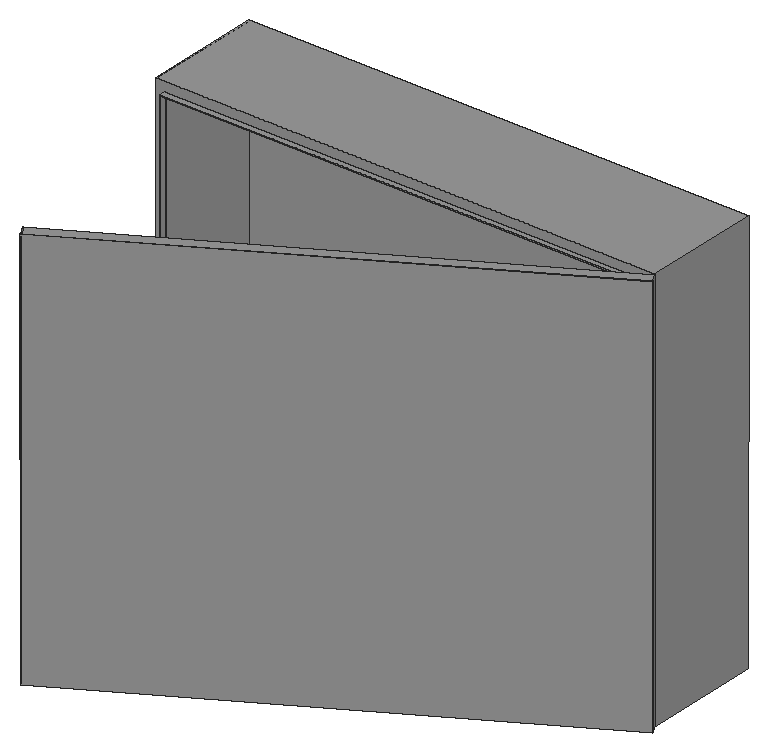
Revit family "Hager-Univers-IP44-D205-H650-Cl.II-Encl-NoHosted-ES-es", category Electrical Equipment, Revit 2020
Family settings
  Panel Configuration = Two Columns, Circuits Across
  Round Connector Dimension = Use Diameter
  Part Type = Panelboard
  Work Plane-Based = Yes
  Always vertical = Yes
  Cut with Voids When Loaded = No
  Shared = No
  Room Calculation Point = No
Parameters (values of type "Montado superficial (escayola) IP44 A800 A650 P205  - FP43SN2")
  Width Control [instance] = if([EF000008 - Anchura] > Min Width, [EF000008 - Anchura], Min Width)  # 800 mm
  Type Comments = [HG000003 - Gama]  # "Univers"
  Thickness Door [instance] = if([EF009171 - Espesor puerta/tapa] > 3 mm, 3 mm, [EF009171 - Espesor puerta/tapa])  # 1 mm
  Seal Frame Offset [instance] = 17 mm  # constant formula
  Plinth Visibility [instance] = [HG000027 - Altura de zócalo] > 0 mm  # no
  Min Width [instance] = 100 mm  # constant formula
  Min Depth [instance] = (2 * [EF009170 - Espesor del material de la caja]) + 1 mm  # 3 mm
  Min Height [instance] = 100 mm  # constant formula
  Internal Frame Depth [instance] = (Door System Depth * 0.5)  # 9 mm
  Panel Name [instance] = ""  # (empty or 0)
  Model = ""
  HG000027 - Altura de zócalo = 0 mm
  HG000026 - Instalación en suelo = no
  HG000024 - Altura de la sección inferior = 600 mm
  HG000023 - Caja de doble sección = no
  HG000016 - Visibilidad de la puerta 3D [instance] = yes
  HG000015 - Visibilidad a través de la puerta [instance] = no
  HG000014 - Puerta a la derecha [instance] = yes
  HG000013 - Puerta a la izquierda [instance] = not([HG000014 - Puerta a la derecha])  # no
  HG000012 - Ángulo de giro de la puerta [instance] = 30.00°
  HG000010 - Puertas asimétricas = no
  HG000009 - Puerta batiente doble = no
  HG000006 - Empotrado = no
  HG000004 - Referencia del fabricante = "FP43SN2"
  HG000003 - Gama = "Univers"
  HG000002 - Con puerta o tapa = yes
  Frame Offset Bottom [instance] = 10 mm  # constant formula
  Frame Offset [instance] = 15 mm  # constant formula
  EF015940 - Tapa con alivio de sobrepresión = no
  EF011959 - Grado de protección (NEMA) = ""
  EF009554 - Número de aberturas para placas-brida = 6
  EF009212 - Versión de la cubierta = "EV000116 - Cerrado"
  EF009171 - Espesor puerta/tapa = 1 mm
  EF009170 - Espesor del material de la caja = 1 mm
  EF008873 - Corriente nominal (In) = 250 A
  EF007800 - Adecuado para la protección contra rayos = no
  EF006306 - Con cierre = no
  EF006244 - Tapa/puerta transparente = no
  EF005474 - Grado de protección (IP) = "EV006418 - IP44"
  EF004464 - Tipo de puerta = "EV002646 - Único"
  EF004427 - Número de módulos = 144
  EF004293 - Resistencia al impacto (IK) = "EV006815 - IK09"
  EF003532 - Adecuado para uso en exteriores = no
  EF002950 - Anchura de unidades de división = 36
  EF001613 - Integridad del circuito = "EV000494 - Ninguno"
  EF001596 - Material de la carcasa = "EV000179 - Acero"
  EF001131 - Profundidad interna = 143 mm
  EF001088 - Posibilidad de extensión = yes
  EF000437 - Número de entradas de conductos de cables = 6
  EF000339 - Tipo de cubierta = "EV001012 - Cubrir"
  EF000266 - Número de filas = 4
  EF000218 - Profundidad de instalación = 205 mm
  EF000118 - Con placa de montaje = no
  EF000116 - Número RAL = "9010"
  EF000049 - Profundidad = 205 mm
  EF000040 - Altura = 650 mm
  EF000008 - Anchura = 800 mm
  EF000007 - Color = "EV000202 - Blanco"
  EF000003 - Tipo de montaje = "EV000384 - Montado superficial (escayola)"
  Door System Leaf Tolerance [instance] = 1.5 mm  # constant formula
  Door System Depth [instance] = 18 mm  # constant formula
  Door Height [instance] = Height Control - [HG000027 - Altura de zócalo]  # 650 mm
  Description = ""
  Default Elevation = 1219.2 mm
  Connector Offset [instance] = Height Control / 2  # 325 mm
  Manufacturer = "Hager"  # constant formula
  Height Control [instance] = if([EF000040 - Altura] > Min Height, [EF000040 - Altura], Min Height)  # 650 mm
  Depth Control [instance] = if([EF000049 - Profundidad] > Min Depth, [EF000049 - Profundidad], Min Depth)  # 205 mm
  Bottom Top Plate Trim [instance] = 1.5 mm  # constant formula
  Plinth height Ctrl [instance] = if([HG000027 - Altura de zócalo] > 0 mm, [HG000027 - Altura de zócalo], 12 mm)  # 12 mm
Types (5, lengths in mm): name | Width Control | HG000010 - Puertas asimétricas | HG000009 - Puerta batiente doble | HG000004 - Referencia del fabricante | EF009554 - Número de aberturas para placas-brida | EF004464 - Tipo de puerta | EF004427 - Número de módulos | EF002950 - Anchura de unidades de división | EF000437 - Número de entradas de conductos de cables | EF000008 - Anchura
  Montado superficial (escayola) IP44 A1050 A650 P205  - FP44SN2 | 1050 | no | yes | "FP44SN2" | 8 | "EV003602 - Doble" | 192 | 48 | 8 | 1050
  Montado superficial (escayola) IP44 A1300 A650 P205  - FP45SN2 | 1300 | yes | yes | "FP45SN2" | 10 | "EV003602 - Doble" | 240 | 60 | 10 | 1300
  Montado superficial (escayola) IP44 A300 A650 P205  - FP41SN2 | 300 | no | no | "FP41SN2" | 2 | "EV002646 - Único" | 48 | 12 | 2 | 300
  Montado superficial (escayola) IP44 A550 A650 P205  - FP42SN2 | 550 | no | no | "FP42SN2" | 4 | "EV002646 - Único" | 96 | 24 | 4 | 550
  Montado superficial (escayola) IP44 A800 A650 P205  - FP43SN2 | 800 | no | no | "FP43SN2" | 6 | "EV002646 - Único" | 144 | 36 | 6 | 800
Reference planes
  plane 1 "Center (Front/Back)": y = 0
  plane 2: z = 0
  plane 3 "Center (Left/Right)": x = 0
  plane 4: y = 0
  plane 5: y = 0
  plane 6: z = 0
  plane 7: x = -400
  plane 8: x = 400
  plane 9: x = 399
  plane 10: x = -399
  plane 11: z = 0
  plane 12: z = 1
  plane 13: y = -205
  plane 14: y = -1
  plane 15: x = 0
  plane 16: y = -187
  plane 17: y = -204
  plane 18: y = -186
  plane 19: x = -384
  plane 20: x = 384
  plane 21: z = 11
  plane 22: x = -383
  plane 23: x = 383
  plane 24: z = 0
  plane 25: z = 650
  plane 26: z = 650
  plane 27: z = 634
  plane 28: z = 649
Forms (mm)
  Extrusion 1, solid, material "Hager_Steel_RAL7035_Light_Grey", detail levels medium+fine
    sketch origin (-208.679, -4572, 0) x (-1, 0, 0) y (0, -1, 0)
      loop
        line (191.321, -4385) -> (-608.679, -4385) -> (-608.679, -4572) -> (191.321, -4572) -> (191.321, -4385)
    from 0 to 650
  Extrusion 2, void
    sketch origin (-350.771, -205, 1219.2) x (1, 0, 0) y (0, 0, 1)
      loop
        line (-48.229, -570.2) -> (-48.229, -1218.2) -> (749.771, -1218.2) -> (749.771, -570.2) -> (-48.229, -570.2)
    from -19 to -204
  Extrusion 3, void
    sketch origin (-290.084, -187, 1219.2) x (1, 0, 0) y (0, 0, 1)
      loop
        line (-93.916, -1208.2) -> (674.084, -1208.2) -> (674.084, -585.2) -> (-93.916, -585.2) -> (-93.916, -1208.2)
    from 0 to -1
  Extrusion 4, solid, material "Hager_Steel_RAL7035_Light_Grey", visible <- "Plinth Visibility", detail levels medium+fine
    sketch origin (0, 0, 0) x (1, 0, 0) y (0, 1, 0)
      loop
        line (-400, 0) -> (-400, -187) -> (400, -187) -> (400, 0) -> (-400, 0)
    from 0 to 12 <- "Plinth height Ctrl"
  Extrusion 5, solid, material "Hager_Steel_RAL7035_Light_Grey", detail levels coarse
    sketch origin (0, 0, 0) x (1, 0, 0) y (0, 1, 0)
      loop
        line (-400, 0) -> (-400, -205) -> (400, -205) -> (400, 0) -> (-400, 0)
    from 0 to 650 <- "Height Control"
  Sweep 6, void
    path in 3D
      loop
        line (-400, -187, 12) -> (400, -187, 12) -> (400, 0, 12) -> (-400, 0, 12) -> (-400, -187, 12)
    profile origin (-400, -93.5, 12) x (1, 0, 0) y (0, 0, 1)
      loop
        line (0, 0) -> (0, -1.5) -> (1.5, -1.5)
        arc (1.5, -1.5) -> (1.061, -0.439) -> (0, 0) r 1.5
  Extrusion 7, solid, material "Hager_Steel_RAL7035_Light_Grey", detail levels fine
    sketch origin (-400, -187, 0) x (1, 0, 0) y (0, 0, 1)
      loop
        line (16, 11) -> (784, 11) -> (784, 634) -> (16, 634) -> (16, 11)
      loop
        line (15, 10) -> (785, 10) -> (785, 635) -> (15, 635) -> (15, 10)
    from 0 to 9 <- "Internal Frame Depth"
Cuts and joins
  Extrusion 2, Extrusion 3 cuts Extrusion 1
  Sweep 6 cuts Extrusion 4
Lines and regions (mm)
  Masking region 1
    outline origin (0, 0, 0) x (1, 0, 0) y (0, 1, 0)
      loop
        line (-400, 0) -> (-400, -205) -> (400, -205) -> (400, 0) -> (-400, 0)
  Masking region 2, detail levels coarse
    outline origin (-290.084, -187, 1219.2) x (-1, 0, 0) y (0, 0, 1)
      loop
        line (-690.084, -1219.2) -> (109.916, -1219.2) -> (109.916, -569.2) -> (-690.084, -569.2) -> (-690.084, -1219.2)
  Masking region 3, detail levels coarse
    outline origin (0, 0, 0) x (0, 1, 0) y (0, 0, 1)
      loop
        line (0, 0) -> (0, 650) -> (-205, 650) -> (-205, 0) -> (0, 0)
  Masking region 4, visible <- "Plinth Visibility", detail levels medium+fine
    outline origin (0, 0, 0) x (0, 1, 0) y (0, 0, 1)
      loop
        line (-1.5, 12) -> (-185.5, 12)
        arc (-185.5, 12) -> (-185.939, 10.939) -> (-187, 10.5) r 1.5
        line (-187, 10.5) -> (-187, 0) -> (0, 0) -> (0, 10.5)
        arc (0, 10.5) -> (-1.061, 10.939) -> (-1.5, 12) r 1.5
  Masking region 5, detail levels medium+fine
    outline origin (0, 0, 594.038) x (0, 1, 0) y (0, 0, 1)
      loop
        line (0, -594.038) -> (0, 55.962) -> (-187, 55.962) -> (-187, -594.038) -> (0, -594.038)
  Masking region 6, detail levels medium+fine
    outline origin (-359.7, -187, 1211.883) x (-1, 0, 0) y (0, 0, 1)
      loop
        line (-759.7, -1211.883) -> (40.3, -1211.883) -> (40.3, -561.883) -> (-759.7, -561.883) -> (-759.7, -1211.883)
  Masking region 7, visible <- "Plinth Visibility", detail levels medium+fine
    outline origin (-320.334, -187, 1041.368) x (-1, 0, 0) y (0, 0, 1)
      loop
        line (-720.334, -1041.368) -> (79.666, -1041.368) -> (79.666, -1030.868)
        arc (79.666, -1030.868) -> (78.606, -1030.429) -> (78.166, -1029.368) r 1.5
        line (78.166, -1029.368) -> (-718.834, -1029.368)
        arc (-718.834, -1029.368) -> (-719.273, -1030.429) -> (-720.334, -1030.868) r 1.5
        line (-720.334, -1030.868) -> (-720.334, -1041.368)
  sketch lines
    curve 1: line (-400, 0, 12) -> (-400, -187, 12)
    curve 2: line (-400, -187, 12) -> (400, -187, 12)
    curve 3: line (400, 0, 12) -> (-400, 0, 12)
    curve 4: line (400, -187, 12) -> (400, 0, 12)
Dimensions and locks
  locked: plane 1 "Center (Front/Back)" to plane 5
  "EF009170 - Espesor del material de la caja": plane 7 to plane 10
  "EF009170 - Espesor del material de la caja": plane 8 to plane 9
  equal spacing: plane 7, plane 3 "Center (Left/Right)", plane 8
  "Width Control": plane 7 to plane 8
  "Depth Control": plane 4 to plane 13
  "EF009170 - Espesor del material de la caja": plane 4 to plane 14
  "Height Control": plane 25 to level
  "HG000027 - Altura de zócalo": plane 11 to level
  "EF009170 - Espesor del material de la caja": plane 12 to plane 11
  "EF009170 - Espesor del material de la caja": plane 17 to plane 13
  "EF009170 - Espesor del material de la caja": plane 18 to plane 16
  "Frame Offset Bottom": plane 21 to plane 12
  "Frame Offset": plane 10 to plane 19
  "Frame Offset": plane 9 to plane 20
  "Door System Depth": plane 16 to plane 13
  "Seal Frame Offset": plane 7 to plane 22
  "Seal Frame Offset": plane 8 to plane 23
  "EF009170 - Espesor del material de la caja": plane 26 to plane 28
  "Frame Offset": plane 28 to plane 27
  "Connector Offset": plane 2 to connector elem
  "Bottom Top Plate Trim": profile plane to Sweep 6 sketch curve
  "Bottom Top Plate Trim": Sweep 6 sketch curve to Sweep 6 sketch curve
  "Plinth height Ctrl": Masking region 4 sketch curve to level
  "Plinth height Ctrl": Masking region 7 sketch curve to level
  "Thickness Door": Extrusion 7 sketch curve to Extrusion 7 sketch curve  (x4)
  "Bottom Top Plate Trim": radius of Sweep 6 sketch curve
  "Bottom Top Plate Trim": radius of Masking region 4 sketch curve  (x2)
  "Bottom Top Plate Trim": radius of Masking region 7 sketch curve  (x2)
  aligned and locked: Extrusion 2 sketch curve to plane 12
  aligned and locked: Extrusion 2 sketch curve to plane 9
  aligned and locked: Extrusion 2 sketch curve to plane 10
  aligned and locked: Extrusion 2 to plane 14
  aligned and locked: Extrusion 1 sketch curve to plane 4
  aligned and locked: plane 8 to Extrusion 1 sketch curve
  aligned and locked: plane 7 to Extrusion 1 sketch curve
  aligned and locked: Extrusion 2 to plane 18
  aligned and locked: Extrusion 3 sketch curve to plane 19
  aligned and locked: plane 20 to Extrusion 3 sketch curve
  aligned and locked: Extrusion 3 to Extrusion 2
  aligned and locked: Extrusion 3 sketch curve to plane 21
  aligned and locked: plane 3 "Center (Left/Right)" to nested 1
  aligned and locked: Extrusion 1 sketch curve to plane 16
  aligned and locked: Extrusion 4 sketch curve to cut or joined group of Extrusion 1, Extrusion 2, Extrusion 3
  aligned and locked: Masking region 1 sketch curve to plane 7
  aligned and locked: Masking region 1 sketch curve to plane 5
  aligned and locked: Masking region 1 sketch curve to plane 8
  aligned and locked: Masking region 2 sketch curve to level
  aligned and locked: level to Masking region 3 sketch curve
  aligned and locked: plane 1 "Center (Front/Back)" to Masking region 3 sketch curve
  aligned and locked: plane 13 to Masking region 3 sketch curve
  aligned and locked: plane 5 to Masking region 4 sketch curve
  aligned and locked: Masking region 2 sketch curve to plane 8
  aligned and locked: Masking region 2 sketch curve to plane 7
  aligned and locked: plane 7 to nested 2
  aligned and locked: nested 2 to plane 5
  aligned and locked: plane 5 to Masking region 5 sketch curve
  aligned and locked: plane 26 to Masking region 5 sketch curve
  aligned and locked: Extrusion 5 sketch curve to plane 8
  aligned and locked: Extrusion 5 sketch curve to plane 7
  aligned and locked: Extrusion 5 sketch curve to plane 5
  aligned and locked: Extrusion 3 sketch curve to plane 27
  aligned and locked: Extrusion 2 sketch curve to plane 28
  aligned and locked: Masking region 2 to plane 25
  aligned and locked: Extrusion 4 to plane 16
  aligned and locked: profile plane to Sweep 6 sketch curve
  aligned and locked: Masking region 5 sketch curve to plane 24
  aligned and locked: level to Masking region 4 sketch curve
  aligned and locked: Masking region 1 to plane 13
  aligned and locked: nested 1 to plane 16
  aligned and locked: Masking region 3 to plane 25
  aligned and locked: plane 16 to Masking region 4 sketch curve
  aligned and locked: Masking region 5 sketch curve to plane 16
  aligned and locked: plane 24 to plane 11
  aligned and locked: plane 26 to plane 25
  aligned and locked: plane 26 to cut or joined group of Extrusion 1, Extrusion 2, Extrusion 3
  aligned and locked: nested 1 to plane 24
  aligned and locked: Extrusion 1 to Extrusion 3
  aligned and locked: Masking region 6 sketch curve to plane 8
  aligned and locked: Masking region 6 sketch curve to plane 24
  aligned and locked: Masking region 6 sketch curve to plane 7
  aligned and locked: Masking region 6 sketch curve to plane 26
  aligned and locked: Masking region 7 sketch curve to plane 7
  aligned and locked: level to Masking region 7 sketch curve
  aligned and locked: Masking region 7 sketch curve to plane 8
  aligned and locked: Extrusion 7 sketch curve to cut or joined group of Extrusion 1, Extrusion 2, Extrusion 3  (x4)
Automatic sketch dimensions
  plane 19 to Extrusion 3 sketch curve = 0 mm
  Extrusion 3 sketch curve to plane 20 = 0 mm
  Extrusion 3 sketch curve to plane 21 = 0 mm
  Extrusion 4 sketch curve to plane 7 = 0 mm
  Extrusion 4 sketch curve to plane 8 = 0 mm
  Extrusion 4 sketch curve to plane 16 = 0 mm
  Masking region 1 sketch curve to plane 13 = 0 mm
  Masking region 2 sketch curve to plane 25 = 0 mm
  Masking region 3 sketch curve to plane 25 = 0 mm
  Extrusion 5 sketch curve to plane 13 = 0 mm
  profile plane to Sweep 6 sketch curve = 0 mm
Nested families
  nested 1: "EC000058_Univers_Door" at (0, -187, 0), Double <- "HG000009 - Puerta batiente doble", Transparent <- "EF006244 - Tapa/puerta transparente", Angle <- "HG000012 - Ángulo de giro de la puerta", Door_Right <- "HG000014 - Puerta a la derecha", Assymetrical <- "HG000010 - Puertas asimétricas", Door <- "HG000002 - Con puerta o tapa", Width_Ctrl <- "Width Control", 3d_Door <- "HG000016 - Visibilidad de la puerta 3D", Clearance <- "HG000015 - Visibilidad a través de la puerta", Door_Left <- "HG000013 - Puerta a la izquierda", Width <- "Width Control", Door_Depth <- "Door System Depth", Leaf_Tolerance <- "Door System Leaf Tolerance", Height <- "Door Height", Lock_Visibility <- "EF006306 - Con cierre", Thickness <- "Thickness Door", type "EC000058_Univers_Door", detail levels medium+fine
    with min_wh 3 mm, Width_Ctrl 800 mm, Width 800 mm, Transparent no, Thickness 1 mm, Seal_Material Hager_Rubber, Lock_Visibility no, Lock_Material Hager_Plastic_RAL9005_Jet_Black, Leaf_Width 800 mm, Leaf_Tolerance_External_Sides 0 mm, Leaf_Tolerance 1.5 mm, Leaf_Offset 0 mm, Leaf_Height 647 mm, Leaf_2_Width 800 mm, Leaf_2_Offset 400 mm, Leaf_1_Width 800 mm, Leaf_1_Offset 400 mm, Height_Ctrl 650 mm, Height 650 mm, Glass_Material Hager_Glass, Double_Clearance_Ctrl no, Double no, Door_Right_Ctrl yes, Door_Right yes, Door_Material Hager_Steel_RAL7035_Light_Grey, Door_Left_Ctrl no, Door_Left no, Door_Depth 18 mm, Door yes, Clearance_Material Hager_Clearance, Clearance_Depth 800 mm, Clearance_Ctrl no, Clearance no, Assymetrical no, Angle 30.00°, 3d_Door yes
  nested 2: "Hager_Enclosure_Symbol" at (-400, 0, 0), Height <- "Depth Control", Width <- "Width Control", type "Hager_Enclosure_Symbol"
    with Width_Ctrl 800 mm, Width 800 mm, Height_Ctrl 205 mm, Height 205 mm, A_Width_Int 13.453 mm, A_Width 161.438 mm, A_Height_Ctrl 179.375 mm, A_Height 179.375 mm
Connectors
  electrical at (0, 0, 325)
    settings: on plane 1 "Center (Front/Back)", index 1, voltage 0 V, apparent load 0 VA, apparent load phase1 0 VA, apparent load phase2 0 VA, apparent load phase3 0 VA, power factor 1, load classification "Other", number of poles 1, system type 30, power factor state 1, is connector primary yes, connector utility no, sub classification motor no, connector description ""
Definition of nested family "EC000058_Univers_Door"
  Parameters (values of type "EC000058_Univers_Door")
    min_wh [instance] = (2 * Thickness) + 1 mm  # 11 mm
    Width_Ctrl [instance] = 400 mm
    Width [instance] = 500 mm
    Transparent [instance] = yes
    Thickness [instance] = 5 mm
    Seal_Material [instance] = none
    Lock_Visibility [instance] = yes
    Lock_Material [instance] = none
    Leaf_Width [instance] = if((Width_Ctrl - 2 * Leaf_Tolerance_External_Sides) > 0 mm, (Width_Ctrl - 2 * Leaf_Tolerance_External_Sides), min_wh)  # 400 mm
    Leaf_Tolerance_External_Sides [instance] = 0 mm  # constant formula
    Leaf_Tolerance [instance] = 1.5 mm
    Leaf_Offset [instance] = 0 mm  # constant formula
    Leaf_Height [instance] = if((Height_Ctrl - 2 * Leaf_Tolerance) > 0 mm, (Height_Ctrl - 2 * Leaf_Tolerance), min_wh)  # 497 mm
    Leaf_2_Width [instance] = if(and(and(Double, Assymetrical), Door_Left), (Leaf_Width / 3) - (Leaf_Tolerance / 2), if(and(and(Double, Assymetrical), Door_Right), (Leaf_Width / 3) * 2 - (Leaf_Tolerance / 2), if(and(Double, not(Assymetrical)), (Leaf_Width / 2) - Leaf_Tolerance, Leaf_Width)))  # 400 mm
    Leaf_2_Offset [instance] = if(and(Double, Assymetrical), Leaf_2_Width / 2, if(and(Double, not(Assymetrical)), Leaf_Width / 4, Leaf_Width / 2))  # 200 mm
    Leaf_1_Width [instance] = if(and(and(Double, Assymetrical), Door_Right), (Leaf_Width / 3) - (Leaf_Tolerance / 2), if(and(and(Double, Assymetrical), Door_Left), (Width / 3) * 2 - (Leaf_Tolerance / 2), if(and(Double, not(Assymetrical)), (Leaf_Width / 2) - Leaf_Tolerance, Leaf_Width)))  # 400 mm
    Leaf_1_Offset [instance] = if(and(Double, Assymetrical), Leaf_1_Width / 2, if(and(Double, not(Assymetrical)), Leaf_Width / 4, Leaf_Width / 2))  # 200 mm
    Height_Ctrl [instance] = if(Height > min_wh, Height, min_wh)  # 500 mm
    Height [instance] = 500 mm
    Glass_Material [instance] = none
    Double_Clearance_Ctrl [instance] = and(Double, Clearance)  # no
    Double [instance] = no
    Door_Right_Ctrl [instance] = and(or(Door_Right, Double), Door)  # yes
    Door_Right [instance] = yes
    Door_Material [instance] = none
    Door_Left_Ctrl [instance] = and(or(Door_Left, Double), Door)  # no
    Door_Left [instance] = no
    Door_Depth [instance] = 30 mm
    Door [instance] = yes
    Default Elevation = 1219.2 mm
    Clearance_Material [instance] = none
    Clearance_Depth [instance] = if(Leaf_1_Width > Leaf_2_Width, Leaf_1_Width, Leaf_2_Width)  # 400 mm
    Clearance_Ctrl [instance] = and(not(Double), Clearance)  # yes
    Clearance [instance] = yes
    Assymetrical [instance] = yes
    Angle [instance] = 30.00°
    3d_Door [instance] = yes
  Reference planes
    plane 1 "Center (Front/Back)": y = 0
    plane 2 "Bottom": z = 0
    plane 3 "Center (Left/Right)": x = 0
    plane 4: z = 500
    plane 5: x = -200
    plane 6: x = 200
    plane 7: z = 500
    plane 8: x = -200
    plane 9: z = 0
    plane 10: x = 200
    plane 11: y = 0
    plane 12: z = 1.5
    plane 13: x = -600
    plane 14: y = -400
    plane 15: x = 600
    plane 16: x = 0
    plane 17: x = 0
    plane 18: x = -200
    plane 19: x = 200
    plane 20: z = 498.5
  Forms (mm)
    Extrusion 1, solid, material <- "Clearance_Material", visible <- "Double_Clearance_Ctrl"
      sketch origin (1200, 0, 0) x (1, 0, 0) y (0, 0, -1)
        loop
          line (-1800, -498.5) -> (-600, -498.5) -> (-600, 0) -> (-1800, 0) -> (-1800, -498.5)
      from 0 to -400
  Dimensions and locks
    equal spacing: plane 5, plane 3 "Center (Left/Right)", plane 6
    "Width_Ctrl": plane 5 to plane 6
    "Leaf_Offset": plane 5 to plane 8
    "Leaf_Offset": plane 6 to plane 10
    "Leaf_Offset": plane 9 to level
    "Leaf_Offset": plane 4 to plane 7
    "Height_Ctrl": plane 4 to level
    "Leaf_Tolerance": plane 12 to plane 9
    locked: plane 11 to plane 1 "Center (Front/Back)"
    "Leaf_1_Offset": plane 18 to plane 16
    "Leaf_2_Offset": plane 17 to plane 19
    "Leaf_1_Width": plane 13 to plane 8
    "Leaf_2_Width": plane 10 to plane 15
    "Clearance_Depth": plane 14 to plane 1 "Center (Front/Back)"
    "Leaf_Tolerance_External_Sides": plane 8 to plane 18
    "Leaf_Tolerance_External_Sides": plane 19 to plane 10
    "Leaf_Tolerance": plane 7 to plane 20
    aligned and locked: level to plane 2 "Bottom"
    aligned and locked: nested 1 to plane 16
    aligned and locked: nested 2 to plane 17
    aligned and locked: Extrusion 1 to plane 13
    aligned and locked: plane 15 to Extrusion 1
    aligned and locked: Extrusion 1 to plane 14
    aligned and locked: plane 12 to nested 1
    aligned and locked: nested 2 to plane 12
    aligned and locked: Extrusion 1 to plane 11
    aligned and locked: plane 20 to Extrusion 1
    aligned and locked: nested 2 to plane 11
    aligned and locked: nested 1 to plane 11
  Automatic sketch dimensions
    Extrusion 1 sketch curve to level = 0 mm
    plane 5 to Extrusion 1 sketch curve = 400 mm
    plane 6 to Extrusion 1 sketch curve = 400 mm
    Extrusion 1 sketch curve to plane 4 = 1.5 mm
  Nested families
    nested 1: "EC000058_Univers_Door_Leaf" at (0, 0, 1.5), Width <- "Leaf_1_Width", visible <- "Door_Left_Ctrl", Leaf_Height <- "Leaf_Height", Angle <- "Angle", 3d_Door <- "3d_Door", Transparent <- "Transparent", Clearance Material <- "Clearance_Material", Clearance <- "Clearance_Ctrl", Door_Material <- "Door_Material", Glass_Material <- "Glass_Material", Door_Depth <- "Door_Depth", Lock_Material <- "Lock_Material", Seal_Material <- "Seal_Material", Lock_Visibility <- "Lock_Visibility", Thickness <- "Thickness", type "EC000058_Univers_Door_Leaf"
      with Width 400 mm, Transparent_Glass_Offset 30 mm, Transparent_Ctrl yes, Transparent yes, Thickness 5 mm, Standard no, Seal_Material none, Seal_D2 8 mm, Seal_D1 1 mm, Offset_Internal_Frame 10 mm, Lock_Width 20 mm, Lock_Visibility_3d yes, Lock_Visibility yes, Lock_Thickness_3 3 mm, Lock_Thickness_2 1 mm, Lock_Thickness_1 3 mm, Lock_Radius_Offset_2 16 mm, Lock_Radius_Offset_1 15 mm, Lock_Radius_2 5 mm, Lock_Radius 6 mm, Lock_Offset 5 mm, Lock_Material none, Lock_Height 80 mm, Lock_Cover_Top_Offset_2d 17 mm, Lock_Cover_Height -65 mm, Leaf_Height 497 mm, Internal_Seal_Thickness 8 mm, Internal_Seal_Depth_2 4.5 mm, Internal_Frame_Depth 25 mm, Glass_Thickness -1 mm, Glass_Offset -2 mm, Glass_Material none, Door_Material none, Door_Depth 30 mm, Clearance Material none, Clearance yes, Angle_Ctrl 30.00°, Angle 30.00°, 3d_Door yes
    nested 2: "EC000058_Univers_Door_Leaf" at (0, 0, 1.5) x (-1, 0, 0) z (0, 0, 1), Width <- "Leaf_2_Width", visible <- "Door_Right_Ctrl", Leaf_Height <- "Leaf_Height", Angle <- "Angle", 3d_Door <- "3d_Door", Transparent <- "Transparent", Clearance Material <- "Clearance_Material", Clearance <- "Clearance_Ctrl", Door_Material <- "Door_Material", Glass_Material <- "Glass_Material", Door_Depth <- "Door_Depth", Lock_Material <- "Lock_Material", Seal_Material <- "Seal_Material", Lock_Visibility <- "Lock_Visibility", Thickness <- "Thickness", type "EC000058_Univers_Door_Leaf"
      with Width 400 mm, Transparent_Glass_Offset 30 mm, Transparent_Ctrl yes, Transparent yes, Thickness 5 mm, Standard no, Seal_Material none, Seal_D2 8 mm, Seal_D1 1 mm, Offset_Internal_Frame 10 mm, Lock_Width 20 mm, Lock_Visibility_3d yes, Lock_Visibility yes, Lock_Thickness_3 3 mm, Lock_Thickness_2 1 mm, Lock_Thickness_1 3 mm, Lock_Radius_Offset_2 16 mm, Lock_Radius_Offset_1 15 mm, Lock_Radius_2 5 mm, Lock_Radius 6 mm, Lock_Offset 5 mm, Lock_Material none, Lock_Height 80 mm, Lock_Cover_Top_Offset_2d 17 mm, Lock_Cover_Height -65 mm, Leaf_Height 497 mm, Internal_Seal_Thickness 8 mm, Internal_Seal_Depth_2 4.5 mm, Internal_Frame_Depth 25 mm, Glass_Thickness -1 mm, Glass_Offset -2 mm, Glass_Material none, Door_Material none, Door_Depth 30 mm, Clearance Material none, Clearance yes, Angle_Ctrl 30.00°, Angle 30.00°, 3d_Door yes
  Definition of nested family "EC000058_Univers_Door_Leaf"
    Parameters (values of type "EC000058_Univers_Door_Leaf")
      Width [instance] = 2000 mm
      Transparent_Glass_Offset [instance] = 30 mm
      Transparent_Ctrl [instance] = and(Transparent, [3d_Door])  # yes
      Transparent [instance] = yes
      Thickness [instance] = 5 mm
      Standard [instance] = and(not(Transparent), [3d_Door])  # no
      Seal_Material [instance] = none
      Seal_D2 [instance] = 8 mm  # constant formula
      Seal_D1 [instance] = 1 mm  # constant formula
      Offset_Internal_Frame [instance] = 10 mm  # constant formula
      Lock_Width [instance] = 20 mm  # constant formula
      Lock_Visibility_3d [instance] = and(Lock_Visibility, [3d_Door])  # yes
      Lock_Visibility [instance] = yes
      Lock_Thickness_3 [instance] = 3 mm  # constant formula
      Lock_Thickness_2 [instance] = 1 mm  # constant formula
      Lock_Thickness_1 [instance] = 3 mm  # constant formula
      Lock_Radius_Offset_2 [instance] = Lock_Radius_Offset_1 + 1 mm  # 16 mm
      Lock_Radius_Offset_1 [instance] = 15 mm  # constant formula
      Lock_Radius_2 [instance] = Lock_Radius - 1 mm  # 5 mm
      Lock_Radius [instance] = 6 mm  # constant formula
      Lock_Offset [instance] = 5 mm  # constant formula
      Lock_Material [instance] = none
      Lock_Height [instance] = 80 mm  # constant formula
      Lock_Cover_Top_Offset_2d [instance] = Lock_Radius_Offset_2 + 1 mm  # 17 mm
      Lock_Cover_Height [instance] = -(Lock_Height - Lock_Radius_Offset_1)  # -65 mm
      Leaf_Height [instance] = 2720.336 mm
      Internal_Seal_Thickness [instance] = 8 mm  # constant formula
      Internal_Seal_Depth_2 [instance] = 4.5 mm  # constant formula
      Internal_Frame_Depth [instance] = if(Door_Depth - Thickness > 5 mm, Door_Depth - Thickness, 5 mm)  # 25 mm
      Glass_Thickness [instance] = if(Thickness > 15 mm, Glass_Offset + 10 mm, -1 mm)  # -1 mm
      Glass_Offset [instance] = if(Thickness > 15 mm, -(Thickness + 10 mm) / 2, -2 mm)  # -2 mm
      Glass_Material [instance] = none
      Door_Material [instance] = none
      Door_Depth [instance] = 30 mm
      Default Elevation = 0 mm
      Clearance Material [instance] = none
      Clearance [instance] = yes
      Angle_Ctrl [instance] = if(Angle > 180.00°, 180.00°, Angle)  # 90.00°
      Angle [instance] = 90.00°
      3d_Door [instance] = yes
    Reference planes
      plane 1 "Center (Front/Back)": y = 0
      plane 2: z = 0
      plane 3 "Center (Left/Right)": x = 0
      plane 4: y = 2000
      plane 5: x = -1000
      plane 6: x = 1000
      plane 7: x = -3000
      plane 8: z = 2720.336
      plane 9: z = 30
      plane 10: z = 2690.336
      plane 11: x = 970
      plane 12: x = -970
      plane 13: y = -3
      plane 14: z = 107.833
      plane 15: y = -5
      plane 16: y = -223.314
      plane 17: x = -1000
      plane 18: z = 1360.168
      plane 19: y = 30
    Forms (mm)
      Extrusion 1, solid, material <- "Clearance Material", visible <- "Clearance"
        sketch origin (0, 0, 0) x (1, 0, 0) y (0, 0, 1)
          loop
            line (-3000, 2720.336) -> (-3000, 0) -> (1000, 0) -> (1000, 2720.336) -> (-3000, 2720.336)
        from 0 to -2000
      Extrusion 2, solid, material <- "Door_Material", visible <- "Standard", detail levels medium+fine
        sketch origin (-1000, 0, 0) x (0, 1, 0) y (-1, 0, 0)
          loop
            line (0, 30) -> (0, 25) -> (2000, 25) -> (2000, 30) -> (0, 30)
        from 0 to 2720.336 <- "Leaf_Height"
      Extrusion 3, solid, material <- "Door_Material", visible <- "Transparent_Ctrl", detail levels medium+fine
        sketch origin (-1000, 0, 0) x (0, 1, 0) y (-1, 0, 0)
          loop
            line (0, 25) -> (2000, 25) -> (2000, 30) -> (0, 30) -> (0, 25)
        from 0 to 2720.336 <- "Leaf_Height"
      Extrusion 4, void
        sketch origin (-1025, 2000, 0) x (0, 1, 0) y (0, 0, -1)
          loop
            line (-30, -2690.336) -> (-30, -30) -> (-1970, -30) -> (-1970, -2690.336) -> (-30, -2690.336)
        from 0 to 5 <- "Thickness"
      Sweep 5, solid, material <- "Seal_Material", visible <- "Transparent_Ctrl", detail levels fine
        path in 3D
          loop
            line (-1025, 30, 30) -> (-1025, 30, 2690.336) -> (-1025, 1970, 2690.336) -> (-1025, 1970, 30) -> (-1025, 30, 30)
        profile origin (-1025, 1000, 30) x (1, 0, 0) y (0, 0, 1)
          loop
            line (0, 0) -> (0, -8) -> (1, -8) -> (1, 0) -> (0, 0)
      Extrusion 6, solid, material <- "Glass_Material", visible <- "Transparent_Ctrl", detail levels medium+fine
        sketch origin (-1030, 0, 0) x (0, 1, 0) y (0, 0, -1)
          loop
            line (1970, -2690.336) -> (1970, -30) -> (30, -30) -> (30, -2690.336) -> (1970, -2690.336)
        from -2 <- "Glass_Offset" to -1 <- "Glass_Thickness"
      Extrusion 7, solid, material <- "Door_Material", visible <- "3d_Door", detail levels medium+fine
        sketch origin (-1025, 2000, 0) x (0, -1, 0) y (0, 0, -1)
          loop
            line (0, -2720.336) -> (2000, -2720.336) -> (2000, 0) -> (0, 0) -> (0, -2720.336)
          loop
            line (1995, -5) -> (5, -5) -> (5, -2715.336) -> (1995, -2715.336) -> (1995, -5)
        from 0 to 25 <- "Internal_Frame_Depth"
      Sweep 8, solid, material <- "Seal_Material", visible <- "Transparent_Ctrl", detail levels fine
        path in 3D
          loop
            line (-1025, 0, 0) -> (-1025, 2000, 0) -> (-1025, 2000, 2720.336) -> (-1025, 0, 2720.336) -> (-1025, 0, 0)
        profile origin (-1025, 0, 1360.168) x (1, 0, 0) y (0, 1, 0)
          loop
            line (0, 10) -> (2.975, 10)
            arc (2.975, 10) -> (4.053, 10.447) -> (4.5, 11.525) r 1.525
            line (4.5, 11.525) -> (4.5, 16.527)
            arc (4.5, 16.527) -> (4.069, 17.569) -> (3.027, 18) r 1.473
            line (3.027, 18) -> (0, 18) -> (0, 10)
      Extrusion 9, solid, material <- "Lock_Material", visible <- "Lock_Visibility_3d", detail levels fine
        sketch origin (-1030, 0, 0) x (0, 1, 0) y (0, 0, -1)
          loop
            arc (1993.5, -1400.168) -> (1994.561, -1399.729) -> (1995, -1398.668) r 1.5
            line (1995, -1398.668) -> (1995, -1320.168) -> (1975, -1320.168) -> (1975, -1398.668)
            arc (1975, -1398.668) -> (1975.439, -1399.729) -> (1976.5, -1400.168) r 1.5
            line (1976.5, -1400.168) -> (1993.5, -1400.168)
        from 3 <- "Lock_Thickness_1" to 0
      Blend 10, solid, material <- "Lock_Material", visible <- "Lock_Visibility_3d", detail levels fine
        base sketch origin (-1033, 0, 0) x (0, 1, 0) y (0, 0, -1)
          loop
            line (1975, -1320.168) -> (1975, -1398.668)
            arc (1975, -1398.668) -> (1975.439, -1399.729) -> (1976.5, -1400.168) r 1.5
            line (1976.5, -1400.168) -> (1993.5, -1400.168)
            arc (1993.5, -1400.168) -> (1994.561, -1399.729) -> (1995, -1398.668) r 1.5
            line (1995, -1398.668) -> (1995, -1320.168) -> (1975, -1320.168)
        top sketch origin (-1033, 0, 0) x (0, 1, 0) y (0, 0, -1)
          loop
            line (1976, -1320.168) -> (1976, -1398.668)
            arc (1976, -1398.668) -> (1976.146, -1399.022) -> (1976.5, -1399.168) r 0.5
            line (1976.5, -1399.168) -> (1993.5, -1399.168)
            arc (1993.5, -1399.168) -> (1993.854, -1399.022) -> (1994, -1398.668) r 0.5
            line (1994, -1398.668) -> (1994, -1320.168) -> (1976, -1320.168)
        from 0 to 1 <- "Lock_Thickness_2"
      Blend 11, solid, material <- "Lock_Material", visible <- "Lock_Visibility_3d", detail levels fine
        base sketch origin (-1034, 0, 0) x (0, 1, 0) y (0, 0, -1)
          loop
            line (1978, -1320.168) -> (1978, -1384.168)
            arc (1978, -1384.168) -> (1985, -1391.168) -> (1992, -1384.168) r 7
            line (1992, -1384.168) -> (1992, -1320.168) -> (1978, -1320.168)
        top sketch origin (-1034, 0, 0) x (0, 1, 0) y (0, 0, -1)
          loop
            line (1991, -1320.168) -> (1979, -1320.168) -> (1979, -1383.168)
            arc (1979, -1383.168) -> (1985, -1389.168) -> (1991, -1383.168) r 6
            line (1991, -1383.168) -> (1991, -1320.168)
        from 0 to 3 <- "Lock_Thickness_3"
      Extrusion 12, solid, material <- "Lock_Material", visible <- "Lock_Visibility_3d", detail levels fine
        sketch origin (-1030, 1975, 1320.168) x (1, 0, 0) y (0, -1, 0)
          loop
            line (-7, -19) -> (-7, -1) -> (0, -1) -> (0, 0) -> (-8, 0) -> (-8, -20) -> (0, -20) -> (0, -19) -> (-7, -19)
        from 0 to -65 <- "Lock_Cover_Height"
      Extrusion 13, void
        sketch origin (-1038, 1995, 1320.168) x (-1, 0, 0) y (0, 0, -1)
          loop
            line (-5, -65) -> (0, -65) -> (-5, -60) -> (-5, -65)
        from 0 to 20 <- "Lock_Width"
      Extrusion 14, void
        sketch origin (-1038, 1975, 1320.168) x (0, -1, 0) y (0, 0, -1)
          loop
            circle (-10, -15.995) r 6
          loop
            circle (-10, -15.995) r 5
        from 0 to 2
      Extrusion 15, solid, material <- "Lock_Material", visible <- "Lock_Visibility_3d", detail levels medium
        sketch origin (-1030, 0, 0) x (0, 1, 0) y (0, 0, -1)
          loop
            arc (1993.5, -1400.168) -> (1994.561, -1399.729) -> (1995, -1398.668) r 1.5
            line (1995, -1398.668) -> (1995, -1320.168) -> (1975, -1320.168) -> (1975, -1398.668)
            arc (1975, -1398.668) -> (1975.439, -1399.729) -> (1976.5, -1400.168) r 1.5
            line (1976.5, -1400.168) -> (1993.5, -1400.168)
        from 8 to 0
    Cuts and joins
      Extrusion 4 cuts Extrusion 3
      Extrusion 13, Extrusion 14 cuts Extrusion 9
      Extrusion 14 cuts Blend 11
      Extrusion 13, Extrusion 14 cuts Extrusion 12
      joined: Extrusion 9, Blend 10, Blend 11, Extrusion 12
      Extrusion 14 cuts Extrusion 15
    Lines and regions (mm)
      Masking region 1, visible <- "Lock_Visibility", detail levels fine
        outline origin (0, 0, 0) x (0, 1, 0) y (0, 0, 1)
          loop
            line (30, 1320.168) -> (33, 1320.168) -> (33, 1400.168) -> (30, 1400.168) -> (30, 1320.168)
      Masking region 2, visible <- "Lock_Visibility", detail levels fine
        outline origin (0, 3.143, 0) x (0, 1, 0) y (0, 0, 1)
          loop
            line (29.857, 1354.168) -> (30.857, 1354.168) -> (30.857, 1366.168) -> (29.857, 1366.168) -> (29.857, 1354.168)
      Masking region 3, detail levels medium+fine
        outline origin (0, 0, 0) x (0, 1, 0) y (0, 0, 1)
          loop
            line (0, 0) -> (30, 0) -> (30, 2720.336) -> (0, 2720.336) -> (0, 0)
      Masking region 4, detail levels medium+fine
        outline origin (0, 0, 0) x (1, 0, 0) y (0, 0, 1)
          loop
            line (-1000, 2720.336) -> (-1000, 0) -> (1000, 0) -> (1000, 2720.336) -> (-1000, 2720.336)
      Masking region 5, visible <- "Lock_Visibility", detail levels fine
        outline origin (-47.116, 0, 0) x (1, 0, 0) y (0, 0, 1)
          loop
            arc (1024.616, 1399.168) -> (1023.556, 1398.729) -> (1023.116, 1397.668) r 1.5
            line (1023.116, 1397.668) -> (1023.116, 1320.168) -> (1041.116, 1320.168) -> (1041.116, 1397.668)
            arc (1041.116, 1397.668) -> (1040.677, 1398.729) -> (1039.616, 1399.168) r 1.5
            line (1039.616, 1399.168) -> (1024.616, 1399.168)
      Masking region 6, visible <- "Lock_Visibility", detail levels medium+fine
        outline origin (-25, 0, 0) x (1, 0, 0) y (0, 0, 1)
          loop
            arc (1001.5, 1400.168) -> (1000.439, 1399.729) -> (1000, 1398.668) r 1.5
            line (1000, 1398.668) -> (1000, 1320.168) -> (1020, 1320.168) -> (1020, 1398.668)
            arc (1020, 1398.668) -> (1019.561, 1399.729) -> (1018.5, 1400.168) r 1.5
            line (1018.5, 1400.168) -> (1001.5, 1400.168)
      Masking region 7, visible <- "Lock_Visibility", detail levels fine
        outline origin (-73.735, 0, 0) x (1, 0, 0) y (0, 0, 1)
          loop
            line (1051.735, 1382.168) -> (1065.735, 1382.168) -> (1065.735, 1384.168)
            arc (1065.735, 1384.168) -> (1058.735, 1391.168) -> (1051.735, 1384.168) r 7
            line (1051.735, 1384.168) -> (1051.735, 1382.168)
      Masking region 8, visible <- "Lock_Visibility", detail levels fine
        outline origin (-73.735, 0, 0) x (1, 0, 0) y (0, 0, 1)
          loop
            line (1052.735, 1382.168) -> (1064.735, 1382.168) -> (1064.735, 1383.168)
            arc (1064.735, 1383.168) -> (1058.735, 1389.168) -> (1052.735, 1383.168) r 6
            line (1052.735, 1383.168) -> (1052.735, 1382.168)
      Masking region 9, visible <- "Lock_Visibility", detail levels fine
        outline origin (-25, 0, 0) x (1, 0, 0) y (0, 0, 1)
          loop
            line (1020, 1320.168) -> (1020, 1382.168) -> (1000, 1382.168) -> (1000, 1320.168) -> (1020, 1320.168)
      Masking region 10, detail levels medium+fine
        outline origin (0, 0, 0) x (1, 0, 0) y (0, 0, 1)
          loop
            circle (985, 1335.144) r 6
      Masking region 11, detail levels fine
        outline origin (0, 0, 0) x (1, 0, 0) y (0, 0, 1)
          loop
            circle (985, 1335.144) r 5
      Masking region 12, visible <- "Lock_Visibility", detail levels fine
        outline origin (0, 12.767, 0) x (0, 1, 0) y (0, 0, 1)
          loop
            line (20.233, 1320.168) -> (21.233, 1320.168) -> (21.233, 1399.168) -> (20.233, 1400.168) -> (20.233, 1320.168)
      Masking region 13, visible <- "Lock_Visibility", detail levels fine
        outline origin (0, 13.767, -10) x (0, 1, 0) y (0, 0, 1)
          loop
            line (20.233, 1330.168) -> (23.233, 1330.168) -> (23.233, 1399.168) -> (20.233, 1402.168) -> (20.233, 1330.168)
      Masking region 14, visible <- "Lock_Visibility", detail levels fine
        outline origin (0, 12.767, -10) x (0, 1, 0) y (0, 0, 1)
          loop
            line (20.233, 1330.168) -> (25.233, 1330.168) -> (25.233, 1399.305) -> (20.233, 1394.305) -> (20.233, 1330.168)
      Masking region 15, visible <- "Lock_Visibility", detail levels medium
        outline origin (0, 0, 0) x (0, 1, 0) y (0, 0, 1)
          loop
            line (30, 1320.168) -> (38, 1320.168) -> (38, 1400.168) -> (30, 1400.168) -> (30, 1320.168)
      Masking region 16, visible <- "Lock_Visibility", detail levels fine
        outline origin (-1000, 0, 0) x (0, 1, 0) y (-1, 0, 0)
          loop
            line (1975, 30) -> (1995, 30) -> (1995, 38) -> (1975, 38) -> (1975, 30)
          loop
            line (1979, 37) -> (1976, 37) -> (1976, 34) -> (1978, 34) -> (1979, 37)
          loop
            line (1994, 37) -> (1991, 37) -> (1992, 34) -> (1994, 34) -> (1994, 37)
      Masking region 17, visible <- "Lock_Visibility", detail levels medium
        outline origin (-1000, 0, 0) x (0, 1, 0) y (-1, 0, 0)
          loop
            line (1975, 30) -> (1995, 30) -> (1995, 38) -> (1975, 38) -> (1975, 30)
      symbolic lines
        curve 1: line (1000, 0, 0) -> (-3000, 0, 0)
        curve 2: arc (1000, 0, 0) -> (-1000, 2000, 0) -> (-3000, 0, 0) r 2000
        curve 4: line (-1030, 0, 0) -> (-1030, 2000, 0)
      reference lines
        curve 3: line (-1000, 0, 0) -> (-1000, 2000, 0)
      symbolic lines, detail levels medium+fine
        curve 5: line (-1030, 2000, 0) -> (-1025, 2000, 0)
        curve 7: line (-1025, 0, 0) -> (-1030, 0, 0)
        curve 8: line (-1025, 0, 0) -> (-1000, 0, 0)
        curve 9: line (-1000, 0, 0) -> (-1000, 2000, 0)
        curve 10: line (-1000, 2000, 0) -> (-1025, 2000, 0)
      symbolic lines, detail levels fine
        curve 6: line (-1025, 2000, 0) -> (-1025, 0, 0)
      sketch lines
        curve 11: line (-1025, 0, 2720.336) -> (-1025, 0, 0)
        curve 12: line (-1025, 2000, 0) -> (-1025, 0, 0)
        curve 13: line (-1025, 2000, 2720.336) -> (-1025, 2000, 0)
        curve 14: line (-1025, 0, 2720.336) -> (-1025, 2000, 2720.336)
        curve 15: line (-1025, 1970, 30) -> (-1025, 30, 30)
        curve 16: line (-1025, 30, 30) -> (-1025, 30, 2690.336)
        curve 17: line (-1025, 1970, 2690.336) -> (-1025, 1970, 30)
        curve 18: line (-1025, 30, 2690.336) -> (-1025, 1970, 2690.336)
      symbolic lines, visible <- "Transparent", detail levels medium+fine
        curve 19: line (-970, 0, 2690.336) -> (970, 0, 2690.336)
        curve 20: line (-970, 0, 30) -> (-970, 0, 2690.336)
        curve 21: line (970, 0, 30) -> (-970, 0, 30)
        curve 22: line (970, 0, 2690.336) -> (970, 0, 30)
    Dimensions and locks
      "Width": plane 1 "Center (Front/Back)" to plane 4
      equal spacing: plane 5, plane 3 "Center (Left/Right)", plane 6
      "Width": plane 5 to plane 6
      "Width": plane 7 to plane 5
      "Leaf_Height": plane 8 to level
      "Width": curve 5 to curve 3
      "Width": curve 3 to curve 3
      plane 8 to plane 10 = 30 mm
      plane 9 to level = 30 mm
      plane 12 to plane 5 = 30 mm
      plane 6 to plane 11 = 30 mm
      Extrusion 1 to Extrusion 4 sketch curve = 30 mm
      "Transparent_Glass_Offset": curve 3 to Extrusion 4 sketch curve
      "Transparent_Glass_Offset": Extrusion 4 sketch curve to cut or joined group of Extrusion 3, Extrusion 4  (x2)
      cut or joined group of Extrusion 3, Extrusion 4 to Extrusion 6 sketch curve = 30 mm
      "Transparent_Glass_Offset": cut or joined group of Extrusion 3, Extrusion 4 to Extrusion 4 sketch curve
      "Thickness": curve 6 to curve 4
      "Thickness": Extrusion 7 sketch curve to Extrusion 7 sketch curve  (x4)
      "Door_Depth": curve 4 to curve 3
      "Offset_Internal_Frame": profile plane to Sweep 8 sketch curve
      "Internal_Seal_Thickness": Sweep 8 sketch curve to Sweep 8 sketch curve
      "Internal_Seal_Depth_2": profile plane to Sweep 8 sketch curve
      "Seal_D1": profile plane to Sweep 5 sketch curve
      "Seal_D2": profile plane to Sweep 5 sketch curve
      "Thickness": Extrusion 2 sketch curve to Extrusion 2 sketch curve
      equal spacing: Extrusion 9 sketch curve, plane 18, Extrusion 9 sketch curve  (x2)
      equal spacing: Masking region 1 sketch curve, plane 18, Masking region 1 sketch curve
      "Lock_Height": Masking region 1 sketch curve to Masking region 1 sketch curve
      "Lock_Radius": Masking region 2 sketch curve to plane 18 to Masking region 2 sketch curve
      Masking region 2 sketch curve to Masking region 1 = 1 mm
      "Door_Depth": plane 19 to plane 1 "Center (Front/Back)"
      "Lock_Thickness_1": Masking region 1 sketch curve to plane 19
      "Lock_Width": Extrusion 9 sketch curve to Extrusion 9 sketch curve
      "Lock_Height": Extrusion 9 sketch curve to Extrusion 9 sketch curve
      "Lock_Offset": cut or joined group of Extrusion 3, Extrusion 4 to Extrusion 9 sketch curve
      equal spacing: plane 8, plane 18, level
      "Lock_Radius_Offset_1": Blend 11 sketch curve to Blend 10
      locked: Blend 10 to Blend 11 sketch curve at 2  (x2)
      locked: var sketch to Blend 11 sketch curve at 1  (x2)
      "Lock_Radius_Offset_2": Blend 11 sketch curve to Blend 10
      locked: Extrusion 12 sketch curve to Extrusion 12 sketch curve at 1  (x3)
      Masking region 6 sketch curve to Masking region 6 sketch curve = 80 mm
      "Lock_Height": Masking region 6 sketch curve to Masking region 6 sketch curve
      "Lock_Width": Masking region 6 sketch curve to Masking region 6 sketch curve
      locked: Masking region 6 to Masking region 5 sketch curve at 1  (x3)
      locked: Masking region 5 to Masking region 7 sketch curve at 2  (x2)
      "Lock_Radius_Offset_1": Masking region 5 to Masking region 7 sketch curve
      "Lock_Radius_Offset_2": Masking region 5 to Masking region 8 sketch curve
      locked: Masking region 7 to Masking region 8 sketch curve at 1  (x2)
      "Lock_Cover_Top_Offset_2d": Masking region 5 to Masking region 9 sketch curve
      equal spacing: Masking region 9, Masking region 10 sketch curve, Masking region 9
      equal spacing: Masking region 9, Masking region 11 sketch curve, Masking region 9
      Extrusion 15 sketch curve to Extrusion 15 sketch curve = 80 mm
      "Lock_Width": Extrusion 15 sketch curve to Extrusion 15 sketch curve
      "Lock_Height": Extrusion 15 sketch curve to Extrusion 15 sketch curve
      equal spacing: Extrusion 15 sketch curve, plane 18, Extrusion 15 sketch curve
      "Lock_Thickness_3": Masking region 13 sketch curve to Masking region 13 sketch curve
      "Lock_Height": Masking region 12 sketch curve to Masking region 12 sketch curve
      locked: Masking region 13 sketch curve to Masking region 1 at 8
      locked: Masking region 14 sketch curve to Masking region 13 at 1
      locked: Masking region 14 sketch curve to Masking region 1 at 10.863
      "Lock_Height": Masking region 15 sketch curve to Masking region 15 sketch curve
      "Lock_Offset": Extrusion 15 sketch curve to cut or joined group of Extrusion 3, Extrusion 4
      "Lock_Offset": plane 6 to Masking region 6 sketch curve
      radius of Sweep 8 sketch curve = 1.525 mm
      radius of Sweep 8 sketch curve = 1.473 mm
      radius of Extrusion 9 sketch curve = 1.5 mm  (x2)
      "Lock_Radius": radius of Extrusion 14 sketch curve
      "Lock_Radius_2": radius of Extrusion 14 sketch curve
      "Lock_Radius": radius of Masking region 10 sketch curve
      "Lock_Radius_2": radius of Masking region 11 sketch curve
      radius of Extrusion 15 sketch curve = 1.5 mm  (x2)
      "Angle_Ctrl": angle plane 1 "Center (Front/Back)" to curve 3
      locked: Masking region 12 sketch curve to Masking region 12 sketch curve (angle 45.00°)
      locked: Masking region 13 sketch curve to Masking region 13 sketch curve (angle 45.00°)
      locked: Masking region 14 sketch curve to Masking region 14 sketch curve (angle 45.00°)
      aligned and locked: level to plane 2
      aligned and locked: Extrusion 1 to curve 1
      aligned and locked: plane 6 to Extrusion 1
      aligned and locked: Extrusion 1 to plane 1 "Center (Front/Back)"
      aligned and locked: plane 4 to Extrusion 1
      aligned and locked: plane 8 to Extrusion 1
      aligned and locked: curve 7 to Extrusion 2 sketch curve
      aligned and locked: curve 5 to Extrusion 2 sketch curve
      aligned and locked: curve 7 to Extrusion 3 sketch curve
      aligned and locked: Extrusion 3 sketch curve to curve 4
      aligned and locked: Extrusion 3 sketch curve to curve 6
      aligned and locked: Extrusion 3 sketch curve to curve 5
      aligned and locked: curve 9 to curve 3
      aligned and locked: Extrusion 7 sketch curve to cut or joined group of Extrusion 3, Extrusion 4  (x4)
      aligned and locked: plane 17 to curve 3
      aligned and locked: plane 1 "Center (Front/Back)" to curve 3
      aligned and locked: plane 17 to plane 5
      aligned and locked: Sweep 8 sketch curve to profile plane
      aligned and locked: Sweep 5 sketch curve to profile plane  (x2)
      aligned and locked: Masking region 1 to Masking region 2 sketch curve
      aligned and locked: plane 19 to Masking region 1 sketch curve
      aligned and locked: plane 1 "Center (Front/Back)" to Masking region 3 sketch curve
      aligned and locked: plane 19 to Masking region 3 sketch curve
      aligned and locked: level to Masking region 3 sketch curve
      aligned and locked: Masking region 3 sketch curve to plane 8
      aligned and locked: plane 17 to Masking region 4 sketch curve
      aligned and locked: level to Masking region 4 sketch curve
      aligned and locked: Masking region 4 sketch curve to plane 8
      aligned and locked: plane 12 to curve 20
      aligned and locked: plane 10 to curve 19
      aligned and locked: plane 11 to curve 22
      aligned and locked: curve 21 to plane 9
      aligned and locked: Extrusion 2 sketch curve to cut or joined group of Extrusion 3, Extrusion 4
      aligned and locked: Blend 10 sketch curve to Extrusion 9  (x4)
      aligned and locked: Extrusion 9 to Blend 10 sketch curve
      aligned and locked: Blend 10 to Blend 11 sketch curve
      aligned and locked: Extrusion 12 sketch curve to Blend 11
      aligned and locked: Extrusion 12 sketch curve to Extrusion 9  (x4)
      aligned and locked: Masking region 5 sketch curve to Masking region 6
      aligned and locked: Masking region 9 sketch curve to Masking region 6  (x3)
      aligned and locked: Masking region 12 sketch curve to Masking region 1
      aligned and locked: Masking region 13 sketch curve to Masking region 1
      aligned and locked: Masking region 12 to Masking region 14
      aligned and locked: Masking region 14 sketch curve to Masking region 1
      aligned and locked: Masking region 15 sketch curve to Masking region 14
      aligned and locked: Masking region 13 sketch curve to Masking region 12
      aligned and locked: Masking region 16 sketch curve to cut or joined group of Extrusion 14, Extrusion 15  (x4)
      aligned and locked: Masking region 16 sketch curve to cut or joined group of Extrusion 9, Blend 10, Blend 11, Extrusion 12, Extrusion 13, Extrusion 14  (x6)
      aligned and locked: cut or joined group of Extrusion 9, Blend 10, Blend 11, Extrusion 12, Extrusion 13, Extrusion 14 to Masking region 16 sketch curve
      aligned and locked: Masking region 17 sketch curve to cut or joined group of Extrusion 14, Extrusion 15  (x3)
      aligned and locked: Masking region 17 sketch curve to cut or joined group of Extrusion 9, Blend 10, Blend 11, Extrusion 12, Extrusion 13, Extrusion 14
      aligned and locked: Masking region 9 to Masking region 8 sketch curve
      aligned and locked: Masking region 9 to Masking region 7 sketch curve
    Automatic sketch dimensions
      plane 1 "Center (Front/Back)" to curve 2 = 0 mm
      curve 2 to plane 5 = 0 mm
      Extrusion 1 sketch curve to level = 0 mm
      Extrusion 1 sketch curve to plane 7 = 0 mm
      Extrusion 1 sketch curve to plane 6 = 0 mm
      Extrusion 1 sketch curve to plane 8 = 0 mm
      Extrusion 3 to Extrusion 6 sketch curve = 30 mm  (x4)
      Masking region 4 sketch curve to plane 6 = 0 mm
      Blend 10 sketch curve to Extrusion 9 = 1.5 mm
      Blend 10 sketch curve to Extrusion 9 = 1 mm
      Extrusion 13 sketch curve to Extrusion 12 = 0 mm  (x2)
      Extrusion 12 to Extrusion 13 sketch curve = 3 mm
      Extrusion 13 sketch curve to Extrusion 12 = 5 mm
      Extrusion 14 sketch curve to Extrusion 14 sketch curve = 0 mm  (x2)
      Extrusion 14 sketch curve to Extrusion 12 = 10 mm
      Extrusion 14 sketch curve to Extrusion 12 = 15.995 mm
      Masking region 5 sketch curve to Masking region 5 sketch curve = 1.5 mm  (x2)
      Masking region 10 sketch curve to plane 18 = 25.024 mm
      Masking region 11 sketch curve to plane 18 = 25.024 mm
      plane 19 to Masking region 14 sketch curve = 3 mm
      Masking region 16 sketch curve to Masking region 16 sketch curve = 3 mm
      curve 4 to curve 3 = 0 mm
      Blend 10 to Blend 11 sketch curve = 0 mm
      Masking region 6 sketch curve to Masking region 6 sketch curve = 1.5 mm  (x2)
      Masking region 6 sketch curve to plane 18 = 40 mm
      plane 19 to Masking region 12 sketch curve = 3 mm
      Masking region 12 sketch curve to Masking region 12 sketch curve = 1 mm
      Masking region 15 sketch curve to plane 19 = 0 mm
      Masking region 15 sketch curve to plane 18 = 40 mm
      radius of Blend 10 sketch curve to Extrusion 9 = 1 mm
Definition of nested family "Hager_Enclosure_Symbol"
  Parameters (values of type "Hager_Enclosure_Symbol")
    Width_Ctrl [instance] = if(Width > 1 mm, Width, 1 mm)  # 102.27 mm
    Width [instance] = 102.27 mm
    Height_Ctrl [instance] = if(Height > 1 mm, Height, 1 mm)  # 66.5 mm
    A_Width_Int [instance] = if(A_Width / 12 > 2 mm, A_Width / 12, 2 mm)  # 4.364 mm
    A_Width [instance] = if(A_Height_Ctrl * 0.9 > 2 mm, A_Height_Ctrl * 0.9, 2 mm)  # 52.369 mm
    A_Height_Ctrl [instance] = if(A_Height > 2 mm, A_Height, 2 mm)  # 58.188 mm
    Height [instance] = 66.5 mm
    A_Height [instance] = Height - (Height / 8)  # 58.188 mm
  Reference planes
    plane 1 "Centre (avant/arrière)": y = 0
    plane 2: z = 0
    plane 3 "Centre (gauche/droite)": x = 0
    plane 4: x = 52.369
    plane 5: y = 33.042
    plane 6: y = 41.77
    plane 7: y = 66.5
    plane 8: x = 26.184
    plane 9: y = 37.406
    plane 10: x = 102.27
    plane 11: y = 66.5
    plane 12: y = 8.313
  Lines and regions (mm)
    Filled region 1, type "Solid_Black", in view "Niveau de réf."
      outline origin (0, 0, 0) x (1, 0, 0) y (0, 1, 0)
        loop
          line (52.369, 66.5) -> (33.188, 54.536) -> (45.365, 45.006) -> (52.369, 66.5)
    Filled region 2, type "Solid_Black", in view "Niveau de réf."
      outline origin (0, 0, 0) x (1, 0, 0) y (0, 1, 0)
        loop
          line (0, 0) -> (102.27, 0) -> (102.27, 66.5) -> (0, 0)
    detail lines, in view "Niveau de réf."
      curve 1: line (0, 8.313, 0) -> (26.184, 41.77, 0)
      curve 2: line (26.184, 41.77, 0) -> (26.184, 33.042, 0)
      curve 3: line (26.184, 33.042, 0) -> (52.369, 66.5, 0)
  Dimensions and locks
    "A_Width": plane 3 "Centre (gauche/droite)" to plane 4
    equal spacing: plane 3 "Centre (gauche/droite)", plane 8, plane 4
    equal spacing: plane 6, plane 9, plane 5
    equal spacing: curve 3, Filled region 1 sketch curve, Filled region 1 sketch curve
    "Height_Ctrl": plane 1 "Centre (avant/arrière)" to plane 11
    "A_Height_Ctrl": plane 11 to plane 12
    equal spacing: plane 11, plane 9, plane 12
    "A_Width_Int": plane 6 to plane 9
    "Width_Ctrl": plane 3 "Centre (gauche/droite)" to plane 10
    angle Filled region 1 sketch curve to curve 3 = 20.00°
    angle curve 3 to Filled region 1 sketch curve = 20.00°
    locked: curve 3 to Filled region 1 sketch curve (angle 90.00°)
    aligned and locked: plane 10 to Filled region 2
    aligned and locked: plane 11 to Filled region 2 sketch curve
    aligned and locked: plane 10 to Filled region 2 sketch curve
    aligned and locked: plane 3 "Centre (gauche/droite)" to curve 1
    aligned and locked: plane 12 to curve 1
    aligned and locked: plane 7 to plane 11
  Automatic sketch dimensions
    Filled region 1 sketch curve to plane 4 = 0 mm
    Filled region 1 sketch curve to plane 7 = 0 mm
    plane 1 "Centre (avant/arrière)" to Filled region 2 sketch curve = 0 mm
    Filled region 2 sketch curve to plane 3 "Centre (gauche/droite)" = 0 mm
    curve 2 to plane 6 = 0 mm
    curve 2 to plane 8 = 0 mm
    curve 3 to plane 4 = 0 mm
    curve 2 to plane 5 = 0 mm
    curve 3 to plane 7 = 0 mm
